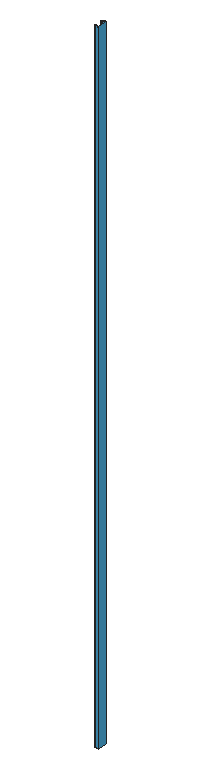
Revit family "GW_GWスタッド(反転)  t=0.8", category 一般モデル, Revit 2021
Family settings
  鉄筋をホスト可能 = いいえ
  丸型コネクタ寸法 = 直径を使用
  パーツ タイプ = 標準
  作業面ベース = いいえ
  常に垂直 = はい
  ロード時にボイドで切り取り = いいえ
  共有 = いいえ
  部屋計算ポイント = いいえ
Parameters
  長さ [instance] = 7000.0 mm
  製造元 = "双日建材株式会社"
  既定の高さ = 0.0 mm
  マテリアル = GWスタッド
  t = 0.8 mm
  H = 100.0 mm
  C = 10.0 mm
  A = 45.0 mm
Reference planes
  plane 1 "中心(正面/背面)": y = 0
  plane 2: z = 0
  plane 3 "中心(左/右)": x = 0
  plane 4: y = 40
  plane 5: y = 50
  plane 6: y = -40
  plane 7: y = -50
  plane 8: x = -41.5
  plane 9: x = -45
  plane 10: y = -49.2
  plane 11: y = 49.2
  plane 12: y = 40.8
  plane 13: y = -40.8
  plane 14: x = -0.8
  plane 15: x = -44.2
  plane 16: z = 7000
Forms (mm)
  Extrusion 1, solid, material "GWスタッド" <- "マテリアル"
    sketch origin (0, 0, 0) x (1, 0, 0) y (0, 1, 0)
      loop
        line (-41.5, -40.8) -> (-41.5, -40) -> (-45, -40) -> (-45, -50) -> (0, -50) -> (0, 50) -> (-45, 50) -> (-45, 40) -> (-41.5, 40) -> (-41.5, 40.8) -> (-44.2, 40.8) -> (-44.2, 49.2) -> (-0.8, 49.2) -> (-0.8, -49.2) -> (-44.2, -49.2) -> (-44.2, -40.8) -> (-41.5, -40.8)
    from 0 to 7000
Dimensions and locks
  "H": plane 7 to plane 5
  "C": plane 4 to plane 5
  "C": plane 7 to plane 6
  equal spacing: plane 7, plane 1 "中心(正面/背面)", plane 5
  locked: plane 9 to plane 8 at 3.5
  "A": plane 9 to plane 3 "中心(左/右)"
  "t": plane 9 to plane 15
  "t": plane 13 to plane 6
  "t": plane 4 to plane 12
  "t": plane 14 to plane 3 "中心(左/右)"
  "t": plane 7 to plane 10
  "t": plane 11 to plane 5
  "長さ": plane 16 to level
  aligned and locked: level to plane 2
  aligned and locked: plane 11 to Extrusion 1 sketch curve
  aligned and locked: Extrusion 1 sketch curve to plane 5
  aligned and locked: plane 3 "中心(左/右)" to Extrusion 1 sketch curve
  aligned and locked: Extrusion 1 sketch curve to plane 14
  aligned and locked: plane 8 to Extrusion 1 sketch curve  (x2)
  aligned and locked: Extrusion 1 sketch curve to plane 9  (x2)
  aligned and locked: plane 15 to Extrusion 1 sketch curve  (x2)
  aligned and locked: Extrusion 1 sketch curve to plane 10
  aligned and locked: plane 7 to Extrusion 1 sketch curve
  aligned and locked: Extrusion 1 sketch curve to plane 12
  aligned and locked: plane 4 to Extrusion 1 sketch curve
  aligned and locked: plane 16 to Extrusion 1
Automatic sketch dimensions
  plane 6 to Extrusion 1 sketch curve = 0.0 mm
  plane 13 to Extrusion 1 sketch curve = 0.0 mm
